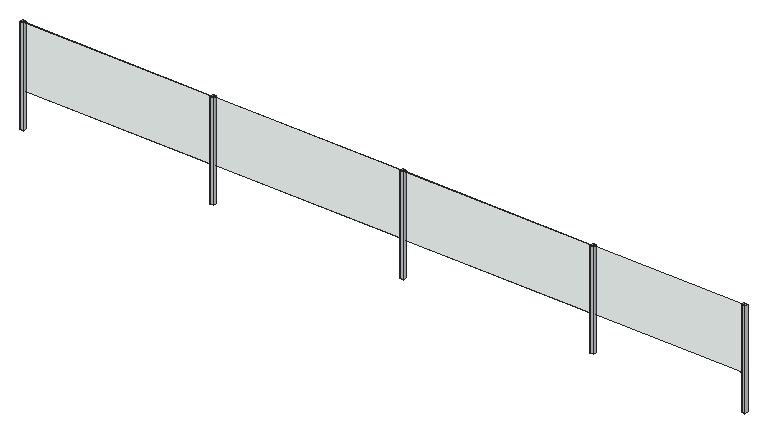
Revit family "Ограждение_Панель_2D_3100", category Специальное оборудование, Revit 2019
Family settings
  Размер круглого соединителя = Использовать диаметр
  Тип детали = Нормальный
  При загрузке вырезать с полостями = Нет
  Общий = Нет
  Точка расчета площади = Нет
Parameters (values of type "Панель 3100_Под бетон_Столб 60х60")
  Ячейка 50х200 [instance] = not(Ячейка 50х150)  # no
  Ячейка 50х150 [instance] = yes
  Ширина столба = 60 mm
  Ширина резаной [instance] = if(not(Шаг последнего столба - Ширина столба > 0 mm), 1 mm, Шаг последнего столба - Ширина столба)  # 2460 mm
  Ширина панели = 3100 mm
  Ширина 1ой панели [instance] = if([built-in parameter 1001306] < Шаг столбов, 1 mm, Шаг столбов - Ширина столба)  # 3100 mm
  Шаг столбов [instance] = Ширина панели + Ширина столба  # 3160 mm
  Условное обозначение [instance] = no
  Толщина стенки столба [instance] = 2 mm
  Тип крепежа [instance] = 2
  С фланцем под В.О. = not(or(Под бетонирование, С фланцем))  # no
  С фланцем = no
  Показать последний [instance] = yes
  Показать первый [instance] = yes
  Шаг последнего столба [instance] = if(if(not([built-in parameter 1001306] > Шаг столбов), [built-in parameter 1001306], [built-in parameter 1001306] - (rounddown([built-in parameter 1001306] / Шаг столбов) * Шаг столбов)) = 0 mm, Шаг столбов, if(not([built-in parameter 1001306] > Шаг столбов), [built-in parameter 1001306], [built-in parameter 1001306] - (rounddown([built-in parameter 1001306] / Шаг столбов) * Шаг столбов)))  # 2520 mm
  Расчёт ячейки [instance] = if(Ячейка 50х150, 2, 0)  # 2
  Пруток D=5/5/5 мм [instance] = not(or([Пруток D=6/5/6 мм], [Пруток D=8/6/8 мм]))  # no
  Пруток D=8/6/8 мм [instance] = yes
  Пруток D=6/5/6 мм [instance] = no
  Показать средний столб [instance] = N панелей = 2  # no
  Под насадку [instance] = no
  Под бетонирование = yes
  Отступ панели от основания = 70 mm
  Отступ панели = Ширина столба / 2  # 30 mm
  Инструкция [instance] = "https://docs.google.com/document/d/1cgSF_IfOaOTu5MFLm1FJjP0ckfTazc0ioWqhE0ocsXY/edit#heading=h.lw4uecg53g9n"
  Изготовитель = [ADSK_Завод-изготовитель]  # "FENSYS"
  built-in parameter 1001306 [instance] = 12000 mm
  Диаметр сваи [instance] = 57 mm
  Группа модели = "Ограждение"  # constant formula
  Глубина столба = 60 mm
  Высота столба [instance] = Отступ панели от основания + Высота панели  # 1100 mm
  Высота сваи [instance] = 1000 mm
  Высота панели [instance] = 1030 mm
  Расчет D прутка [instance] = if([Пруток D=6/5/6 мм], 1, if([Пруток D=8/6/8 мм], 2, 0))  # 2
  Выбор типа основания [instance] = if(Под бетонирование, 1, if(С фланцем, 2, 0))  # 1
  Видимость массива столбов [instance] = N панелей > 2  # yes
  Видимость массива панелей [instance] = N панелей > 2  # yes
  Видимость 1ой панели [instance] = N панелей = 2  # no
  URL = "https://www.fensys.ru/oprosnyy-list/"
  N столбов в массиве [instance] = if((N панелей - 1) < 2, 2, N панелей - 1)  # 3
  N панелей в массиве [instance] = if(N панелей > 2, N панелей - 1, 2)  # 3
  N панелей [instance] = if([built-in parameter 1001306] > Шаг столбов, roundup([built-in parameter 1001306] / Шаг столбов), 1)  # 4
  ADSK_Размер_Длина [instance] = [built-in parameter 1001306]  # 12000 mm
  Наименование = "Ограждение - Панель 3100_Под бетон_Столб 60х60"
  ADSK_Завод-изготовитель = "FENSYS"  # constant formula
  ADSK_Единица измерения = "м."  # constant formula
Types (9, lengths in mm): name | Ширина столба | Ширина резаной | Шаг столбов | С фланцем под В.О. | С фланцем | Шаг последнего столба | Под бетонирование | Отступ панели | Глубина столба | Выбор типа основания | Наименование
  Панель 3100_Под винт_Столб 60х60 | 60 | 2460 | 3160 | yes | no | 2520 | no | 30 | 60 | 0 | "Ограждение - Панель 3100_Под винт_Столб 60х60"
  Панель 3100_Под бетон_Столб 80х80 | 80 | 2380 | 3180 | no | no | 2460 | yes | 40 | 80 | 1 | "Ограждение - Панель 3100_Под бетон_Столб 80х80"
  Панель 3100_Под бетон_Столб 60х60 | 60 | 2460 | 3160 | no | no | 2520 | yes | 30 | 60 | 1 | "Ограждение - Панель 3100_Под бетон_Столб 60х60"
  Панель 3100_Фланцевое крепление_Столб 80х80 | 80 | 2380 | 3180 | no | yes | 2460 | no | 40 | 80 | 2 | "Ограждение - Панель 3100_Фланцевое крепление_Столб 80х80"
  Панель 3100_Фланцевое крепление_Столб 60х60 | 60 | 2460 | 3160 | no | yes | 2520 | no | 30 | 60 | 2 | "Ограждение - Панель 3100_Фланцевое крепление_Столб 60х60"
  Панель 3100_Под бетон_Столб 60х80 | 60 | 2460 | 3160 | no | no | 2520 | yes | 30 | 80 | 1 | "Ограждение - Панель 3100_Под бетон_Столб 60х80"
  Панель 3100_Под винт_Столб 60х80 | 60 | 2460 | 3160 | yes | no | 2520 | no | 30 | 80 | 0 | "Ограждение - Панель 3100_Под винт_Столб 60х80"
  Панель 3100_Фланцевое крепление_Столб 60х80 | 60 | 2460 | 3160 | no | yes | 2520 | no | 30 | 80 | 2 | "Ограждение - Панель 3100_Фланцевое крепление_Столб 60х80"
  Панель 3100_Под винт_Столб 80х80 | 80 | 2380 | 3180 | yes | no | 2460 | no | 40 | 80 | 0 | "Ограждение - Панель 3100_Под винт_Столб 80х80"
Reference planes
  plane 1 "По центру (Вперед/Назад)": y = 0
  plane 2: z = 0
  plane 3 "Слева": x = 0
  plane 4 "Справа": x = 12000
  plane 5 "Верх стойки": z = 1100
  plane 6: x = 3160
  plane 7: x = 6320
  plane 8 "ось предпоследнего столба": x = 9480
Lines and regions (mm)
  reference lines
    curve 1: line (0, 0, 0) -> (12000, 0, 0)
Dimensions and locks
  "built-in parameter 1001306": plane 3 "Слева" to plane 4 "Справа"
  "Высота столба": plane 5 "Верх стойки" to level
  equal spacing: group 1, group 2, group 5  (x3)
  "Шаг столбов": plane 3 "Слева" to plane 6
  "Шаг столбов": plane 6 to plane 7
  "Шаг последнего столба": plane 8 "ось предпоследнего столба" to plane 4 "Справа"
  equal spacing: group 3, group 4, group 6  (x3)
  aligned and locked: plane 4 "Справа" to curve 1
  aligned and locked: plane 1 "По центру (Вперед/Назад)" to curve 1
  aligned and locked: plane 3 "Слева" to curve 1
  aligned and locked: level to plane 2
  aligned and locked: plane 3 "Слева" to nested 1
  aligned and locked: plane 1 "По центру (Вперед/Назад)" to nested 1
  aligned and locked: plane 6 to nested 2
  aligned and locked: curve 1 to nested 2
  aligned and locked: curve 1 to nested 3
  aligned and locked: plane 4 "Справа" to nested 3
  aligned and locked: plane 3 "Слева" to nested 5
  aligned and locked: plane 6 to nested 6
  aligned and locked: plane 7 to nested 7
  aligned and locked: plane 1 "По центру (Вперед/Назад)" to nested 5
  aligned and locked: plane 1 "По центру (Вперед/Назад)" to nested 6
  aligned and locked: plane 1 "По центру (Вперед/Назад)" to nested 7
  aligned and locked: curve 1 to nested 8
  aligned and locked: plane 1 "По центру (Вперед/Назад)" to nested 8
  aligned and locked: plane 6 to nested 9
  aligned and locked: plane 8 "ось предпоследнего столба" to nested 4
  aligned and locked: plane 3 "Слева" to nested 8
Nested families
  nested 1: "В_Столб" at (0, 0, 0), visible <- "Показать первый", ADSK_Размер_Толщина стенки <- "Толщина стенки столба", ADSK_Размер_Глубина <- "Глубина столба", Диаметр сваи <- "Диаметр сваи", Высота сваи <- "Высота сваи", Под бетонирование <- "Под бетонирование", С фланцем <- "С фланцем", С фланцем под в.о. <- "С фланцем под В.О.", ADSK_Размер_Ширина <- "Ширина столба", ADSK_Комплект <- "Группа модели", Под насадку <- "Под насадку", Тип крепежа <- "Тип крепежа", Условное обозначение <- "Условное обозначение", Высота забора <- "Высота столба", type "Столб"
    with Условное обозначение no, Тип крепежа 2, Таблица "Столб новый", С фланцем под в.о. no, С фланцем no, Под насадку число 1, Под насадку no, Под бетонирование yes, Ограничитель крепежа 2, Крепеж в массиве 2, Длина под бетонирование 500 mm, Диаметр сваи 57 mm, Высота сваи 1000 mm, Высота забора 1100 mm, Выбор типа крепления 1, N крепежа в массиве 2, ADSK_Размер_Ширина 60 mm, ADSK_Размер_Толщина стенки 2 mm, ADSK_Размер_Глубина 60 mm, ADSK_Размер_Высота 1100 mm, ADSK_Обозначение "SI", Наименование "Столб ограждения (под насадку): профиль 60x60x2 мм, L= 1100 мм, под бетонирование", BS_Масса_Число 3.9, ADSK_Комплект "Ограждение", ADSK_Код изделия "18304N"
  nested 2: "В_Столб" at (3160, 0, 0), visible <- "Показать средний столб", ADSK_Размер_Толщина стенки <- "Толщина стенки столба", ADSK_Размер_Глубина <- "Глубина столба", Диаметр сваи <- "Диаметр сваи", Высота сваи <- "Высота сваи", Под бетонирование <- "Под бетонирование", С фланцем <- "С фланцем", С фланцем под в.о. <- "С фланцем под В.О.", ADSK_Размер_Ширина <- "Ширина столба", ADSK_Комплект <- "Группа модели", Под насадку <- "Под насадку", Тип крепежа <- "Тип крепежа", Условное обозначение <- "Условное обозначение", Высота забора <- "Высота столба", type "Столб"
    with Условное обозначение no, Тип крепежа 2, Таблица "Столб новый", С фланцем под в.о. no, С фланцем no, Под насадку число 1, Под насадку no, Под бетонирование yes, Ограничитель крепежа 2, Крепеж в массиве 2, Длина под бетонирование 500 mm, Диаметр сваи 57 mm, Высота сваи 1000 mm, Высота забора 1100 mm, Выбор типа крепления 1, N крепежа в массиве 2, ADSK_Размер_Ширина 60 mm, ADSK_Размер_Толщина стенки 2 mm, ADSK_Размер_Глубина 60 mm, ADSK_Размер_Высота 1100 mm, ADSK_Обозначение "SI", Наименование "Столб ограждения (под насадку): профиль 60x60x2 мм, L= 1100 мм, под бетонирование", BS_Масса_Число 3.9, ADSK_Комплект "Ограждение", ADSK_Код изделия "18304N"
  nested 3: "В_Столб" at (12000, 0, 0), visible <- "Показать последний", ADSK_Размер_Толщина стенки <- "Толщина стенки столба", ADSK_Размер_Глубина <- "Глубина столба", Диаметр сваи <- "Диаметр сваи", Высота сваи <- "Высота сваи", Под бетонирование <- "Под бетонирование", С фланцем <- "С фланцем", С фланцем под в.о. <- "С фланцем под В.О.", ADSK_Размер_Ширина <- "Ширина столба", ADSK_Комплект <- "Группа модели", Под насадку <- "Под насадку", Тип крепежа <- "Тип крепежа", Условное обозначение <- "Условное обозначение", Высота забора <- "Высота столба", type "Столб"
    with Условное обозначение no, Тип крепежа 2, Таблица "Столб новый", С фланцем под в.о. no, С фланцем no, Под насадку число 1, Под насадку no, Под бетонирование yes, Ограничитель крепежа 2, Крепеж в массиве 2, Длина под бетонирование 500 mm, Диаметр сваи 57 mm, Высота сваи 1000 mm, Высота забора 1100 mm, Выбор типа крепления 1, N крепежа в массиве 2, ADSK_Размер_Ширина 60 mm, ADSK_Размер_Толщина стенки 2 mm, ADSK_Размер_Глубина 60 mm, ADSK_Размер_Высота 1100 mm, ADSK_Обозначение "SI", Наименование "Столб ограждения (под насадку): профиль 60x60x2 мм, L= 1100 мм, под бетонирование", BS_Масса_Число 3.9, ADSK_Комплект "Ограждение", ADSK_Код изделия "18304N"
  nested 4: "В_Панель_2D" at (9480, 0, 0), ADSK_Размер_Высота <- "Высота панели", Отступ панели от основания <- "Отступ панели от основания", Отступ панели <- "Отступ панели", Размер ячейки <- "Расчёт ячейки", Размер прутка <- "Расчет D прутка", ADSK_Размер_Ширина <- "Ширина резаной", Тип крепежа <- "Тип крепежа", ADSK_Комплект <- "Группа модели", type "Панель 2500"
    with Тип крепежа 2, Расчетная длина 2520 mm, Размер ячейки 2, Размер прутка 2, Отступ панели от основания 70 mm, Отступ панели 30 mm, ADSK_Размер_Ширина 2460 mm, ADSK_Размер_Высота 1030 mm, ADSK_Примечание "", ADSK_Обозначение "GUARD-T", Наименование "Панель под подрезку", BS_Масса_Число 0, ADSK_Комплект "Ограждение", ADSK_Код изделия " "
  nested 5: "В_Панель_2D" at (0, 0, 0), ADSK_Размер_Высота <- "Высота панели", Отступ панели от основания <- "Отступ панели от основания", Отступ панели <- "Отступ панели", visible <- "Видимость массива панелей", Размер ячейки <- "Расчёт ячейки", Размер прутка <- "Расчет D прутка", Тип крепежа <- "Тип крепежа", ADSK_Комплект <- "Группа модели", ADSK_Размер_Ширина <- "Ширина панели", type "Панель 2500"
    with Тип крепежа 2, Расчетная длина 3160 mm, Размер ячейки 2, Размер прутка 2, Отступ панели от основания 70 mm, Отступ панели 30 mm, ADSK_Размер_Ширина 3100 mm, ADSK_Размер_Высота 1030 mm, ADSK_Примечание "", ADSK_Обозначение "GUARD-T", Наименование "Панель серии 2D: HxW (высота х ширина) 1030x3100 мм, пруток D=8/6/8 мм, ячейка = 50х150", BS_Масса_Число 33.1, ADSK_Комплект "Ограждение", ADSK_Код изделия "24068"
  nested 6: "В_Столб" at (3160, 0, 0), visible <- "Видимость массива столбов", ADSK_Размер_Толщина стенки <- "Толщина стенки столба", ADSK_Размер_Глубина <- "Глубина столба", Диаметр сваи <- "Диаметр сваи", Высота сваи <- "Высота сваи", Под бетонирование <- "Под бетонирование", С фланцем <- "С фланцем", С фланцем под в.о. <- "С фланцем под В.О.", ADSK_Размер_Ширина <- "Ширина столба", ADSK_Комплект <- "Группа модели", Под насадку <- "Под насадку", Тип крепежа <- "Тип крепежа", Условное обозначение <- "Условное обозначение", Высота забора <- "Высота столба", type "Столб"
    with Условное обозначение no, Тип крепежа 2, Таблица "Столб новый", С фланцем под в.о. no, С фланцем no, Под насадку число 1, Под насадку no, Под бетонирование yes, Ограничитель крепежа 2, Крепеж в массиве 2, Длина под бетонирование 500 mm, Диаметр сваи 57 mm, Высота сваи 1000 mm, Высота забора 1100 mm, Выбор типа крепления 1, N крепежа в массиве 2, ADSK_Размер_Ширина 60 mm, ADSK_Размер_Толщина стенки 2 mm, ADSK_Размер_Глубина 60 mm, ADSK_Размер_Высота 1100 mm, ADSK_Обозначение "SI", Наименование "Столб ограждения (под насадку): профиль 60x60x2 мм, L= 1100 мм, под бетонирование", BS_Масса_Число 3.9, ADSK_Комплект "Ограждение", ADSK_Код изделия "18304N"
  nested 7: "В_Столб" at (6320, 0, 0), visible <- "Видимость массива столбов", ADSK_Размер_Толщина стенки <- "Толщина стенки столба", ADSK_Размер_Глубина <- "Глубина столба", Диаметр сваи <- "Диаметр сваи", Высота сваи <- "Высота сваи", Под бетонирование <- "Под бетонирование", С фланцем <- "С фланцем", С фланцем под в.о. <- "С фланцем под В.О.", ADSK_Размер_Ширина <- "Ширина столба", ADSK_Комплект <- "Группа модели", Под насадку <- "Под насадку", Тип крепежа <- "Тип крепежа", Условное обозначение <- "Условное обозначение", Высота забора <- "Высота столба", type "Столб"
    with Условное обозначение no, Тип крепежа 2, Таблица "Столб новый", С фланцем под в.о. no, С фланцем no, Под насадку число 1, Под насадку no, Под бетонирование yes, Ограничитель крепежа 2, Крепеж в массиве 2, Длина под бетонирование 500 mm, Диаметр сваи 57 mm, Высота сваи 1000 mm, Высота забора 1100 mm, Выбор типа крепления 1, N крепежа в массиве 2, ADSK_Размер_Ширина 60 mm, ADSK_Размер_Толщина стенки 2 mm, ADSK_Размер_Глубина 60 mm, ADSK_Размер_Высота 1100 mm, ADSK_Обозначение "SI", Наименование "Столб ограждения (под насадку): профиль 60x60x2 мм, L= 1100 мм, под бетонирование", BS_Масса_Число 3.9, ADSK_Комплект "Ограждение", ADSK_Код изделия "18304N"
  nested 8: "В_Панель_2D" at (0, 0, 0), ADSK_Размер_Высота <- "Высота панели", Отступ панели от основания <- "Отступ панели от основания", Отступ панели <- "Отступ панели", visible <- "Видимость 1ой панели", Размер ячейки <- "Расчёт ячейки", Размер прутка <- "Расчет D прутка", Тип крепежа <- "Тип крепежа", ADSK_Комплект <- "Группа модели", ADSK_Размер_Ширина <- "Ширина 1ой панели", type "Панель 2500"
    with Тип крепежа 2, Расчетная длина 3160 mm, Размер ячейки 2, Размер прутка 2, Отступ панели от основания 70 mm, Отступ панели 30 mm, ADSK_Размер_Ширина 3100 mm, ADSK_Размер_Высота 1030 mm, ADSK_Примечание "", ADSK_Обозначение "GUARD-T", Наименование "Панель серии 2D: HxW (высота х ширина) 1030x3100 мм, пруток D=8/6/8 мм, ячейка = 50х150", BS_Масса_Число 33.1, ADSK_Комплект "Ограждение", ADSK_Код изделия "24068"
  nested 9: "В_Панель_2D" at (3160, 0, 0), ADSK_Размер_Высота <- "Высота панели", Отступ панели от основания <- "Отступ панели от основания", Отступ панели <- "Отступ панели", visible <- "Видимость массива панелей", Размер ячейки <- "Расчёт ячейки", Размер прутка <- "Расчет D прутка", Тип крепежа <- "Тип крепежа", ADSK_Комплект <- "Группа модели", ADSK_Размер_Ширина <- "Ширина панели", type "Панель 2500"
    with Тип крепежа 2, Расчетная длина 3160 mm, Размер ячейки 2, Размер прутка 2, Отступ панели от основания 70 mm, Отступ панели 30 mm, ADSK_Размер_Ширина 3100 mm, ADSK_Размер_Высота 1030 mm, ADSK_Примечание "", ADSK_Обозначение "GUARD-T", Наименование "Панель серии 2D: HxW (высота х ширина) 1030x3100 мм, пруток D=8/6/8 мм, ячейка = 50х150", BS_Масса_Число 33.1, ADSK_Комплект "Ограждение", ADSK_Код изделия "24068"
  nested 10: "В_Столб" at (9480, 0, 0), visible <- "Видимость массива столбов", ADSK_Размер_Толщина стенки <- "Толщина стенки столба", ADSK_Размер_Глубина <- "Глубина столба", Диаметр сваи <- "Диаметр сваи", Высота сваи <- "Высота сваи", Под бетонирование <- "Под бетонирование", С фланцем <- "С фланцем", С фланцем под в.о. <- "С фланцем под В.О.", ADSK_Размер_Ширина <- "Ширина столба", ADSK_Комплект <- "Группа модели", Под насадку <- "Под насадку", Тип крепежа <- "Тип крепежа", Условное обозначение <- "Условное обозначение", Высота забора <- "Высота столба", type "Столб"
    with Условное обозначение no, Тип крепежа 2, Таблица "Столб новый", С фланцем под в.о. no, С фланцем no, Под насадку число 1, Под насадку no, Под бетонирование yes, Ограничитель крепежа 2, Крепеж в массиве 2, Длина под бетонирование 500 mm, Диаметр сваи 57 mm, Высота сваи 1000 mm, Высота забора 1100 mm, Выбор типа крепления 1, N крепежа в массиве 2, ADSK_Размер_Ширина 60 mm, ADSK_Размер_Толщина стенки 2 mm, ADSK_Размер_Глубина 60 mm, ADSK_Размер_Высота 1100 mm, ADSK_Обозначение "SI", Наименование "Столб ограждения (под насадку): профиль 60x60x2 мм, L= 1100 мм, под бетонирование", BS_Масса_Число 3.9, ADSK_Комплект "Ограждение", ADSK_Код изделия "18304N"
  nested 11: "В_Панель_2D" at (6320, 0, 0), ADSK_Размер_Высота <- "Высота панели", Отступ панели от основания <- "Отступ панели от основания", Отступ панели <- "Отступ панели", visible <- "Видимость массива панелей", Размер ячейки <- "Расчёт ячейки", Размер прутка <- "Расчет D прутка", Тип крепежа <- "Тип крепежа", ADSK_Комплект <- "Группа модели", ADSK_Размер_Ширина <- "Ширина панели", type "Панель 2500"
    with Тип крепежа 2, Расчетная длина 3160 mm, Размер ячейки 2, Размер прутка 2, Отступ панели от основания 70 mm, Отступ панели 30 mm, ADSK_Размер_Ширина 3100 mm, ADSK_Размер_Высота 1030 mm, ADSK_Примечание "", ADSK_Обозначение "GUARD-T", Наименование "Панель серии 2D: HxW (высота х ширина) 1030x3100 мм, пруток D=8/6/8 мм, ячейка = 50х150", BS_Масса_Число 33.1, ADSK_Комплект "Ограждение", ADSK_Код изделия "24068"
  nested 12: "В_Крепеж" at (0, 0, 1065), type "Крепеж"
    with Ширина столба 0 mm, Тип крепежа 2, Путь к таблице "Таблица крепежей", Видимость метизов yes, Y насадка no, ADSK_Обозначение "Крепеж", Наименование "Скоба F50", ADSK_Комплект "Ограждение", ADSK_Количество 1, ADSK_Код изделия "8903K"
  nested 13: "В_Крепеж" at (0, 0, 104.903), type "Крепеж"
    with Ширина столба 0 mm, Тип крепежа 2, Путь к таблице "Таблица крепежей", Видимость метизов yes, Y насадка no, ADSK_Обозначение "Крепеж", Наименование "Скоба F50", ADSK_Комплект "Ограждение", ADSK_Количество 1, ADSK_Код изделия "8903K"
  nested 14: "В_Крепеж" at (3160, 0, 1065), type "Крепеж"
    with Ширина столба 0 mm, Тип крепежа 2, Путь к таблице "Таблица крепежей", Видимость метизов yes, Y насадка no, ADSK_Обозначение "Крепеж", Наименование "Скоба F50", ADSK_Комплект "Ограждение", ADSK_Количество 1, ADSK_Код изделия "8903K"
  nested 15: "В_Крепеж" at (3160, 0, 104.903), type "Крепеж"
    with Ширина столба 0 mm, Тип крепежа 2, Путь к таблице "Таблица крепежей", Видимость метизов yes, Y насадка no, ADSK_Обозначение "Крепеж", Наименование "Скоба F50", ADSK_Комплект "Ограждение", ADSK_Количество 1, ADSK_Код изделия "8903K"
  nested 16: "В_Крепеж" at (12000, 0, 1065), type "Крепеж"
    with Ширина столба 0 mm, Тип крепежа 2, Путь к таблице "Таблица крепежей", Видимость метизов yes, Y насадка no, ADSK_Обозначение "Крепеж", Наименование "Скоба F50", ADSK_Комплект "Ограждение", ADSK_Количество 1, ADSK_Код изделия "8903K"
  nested 17: "В_Крепеж" at (12000, 0, 104.903), type "Крепеж"
    with Ширина столба 0 mm, Тип крепежа 2, Путь к таблице "Таблица крепежей", Видимость метизов yes, Y насадка no, ADSK_Обозначение "Крепеж", Наименование "Скоба F50", ADSK_Комплект "Ограждение", ADSK_Количество 1, ADSK_Код изделия "8903K"
  nested 18: "В_Крепеж" at (3160, 0, 1065), type "Крепеж"
    with Ширина столба 0 mm, Тип крепежа 2, Путь к таблице "Таблица крепежей", Видимость метизов yes, Y насадка no, ADSK_Обозначение "Крепеж", Наименование "Скоба F50", ADSK_Комплект "Ограждение", ADSK_Количество 1, ADSK_Код изделия "8903K"
  nested 19: "В_Крепеж" at (3160, 0, 104.903), type "Крепеж"
    with Ширина столба 0 mm, Тип крепежа 2, Путь к таблице "Таблица крепежей", Видимость метизов yes, Y насадка no, ADSK_Обозначение "Крепеж", Наименование "Скоба F50", ADSK_Комплект "Ограждение", ADSK_Количество 1, ADSK_Код изделия "8903K"
  nested 20: "В_Крепеж" at (6320, 0, 1065), type "Крепеж"
    with Ширина столба 0 mm, Тип крепежа 2, Путь к таблице "Таблица крепежей", Видимость метизов yes, Y насадка no, ADSK_Обозначение "Крепеж", Наименование "Скоба F50", ADSK_Комплект "Ограждение", ADSK_Количество 1, ADSK_Код изделия "8903K"
  nested 21: "В_Крепеж" at (6320, 0, 104.903), type "Крепеж"
    with Ширина столба 0 mm, Тип крепежа 2, Путь к таблице "Таблица крепежей", Видимость метизов yes, Y насадка no, ADSK_Обозначение "Крепеж", Наименование "Скоба F50", ADSK_Комплект "Ограждение", ADSK_Количество 1, ADSK_Код изделия "8903K"
  nested 22: "В_Крепеж" at (9480, 0, 1065), type "Крепеж"
    with Ширина столба 0 mm, Тип крепежа 2, Путь к таблице "Таблица крепежей", Видимость метизов yes, Y насадка no, ADSK_Обозначение "Крепеж", Наименование "Скоба F50", ADSK_Комплект "Ограждение", ADSK_Количество 1, ADSK_Код изделия "8903K"
  nested 23: "В_Крепеж" at (9480, 0, 104.903), type "Крепеж"
    with Ширина столба 0 mm, Тип крепежа 2, Путь к таблице "Таблица крепежей", Видимость метизов yes, Y насадка no, ADSK_Обозначение "Крепеж", Наименование "Скоба F50", ADSK_Комплект "Ограждение", ADSK_Количество 1, ADSK_Код изделия "8903K"
  nested 24: "В_Метизы" at (20, 0, 1065), type "Метизы"
    with Тип крепежа 2, Путь к таблице "Таблица метизов", Наименование "Комплект метизов «В» для крепления скобы из нержавеющей стали (Винт М8х30 ISO 7380 А2   - 4 шт., Шайба D8 DIN 125 А2-70 - 4 шт.,Шайба 8 DIN 127 нерж.)", ADSK_Комплект "Ограждение", ADSK_Количество 1, ADSK_Код изделия "8923"
  nested 25: "В_Метизы" at (20, 0, 104.903), type "Метизы"
    with Тип крепежа 2, Путь к таблице "Таблица метизов", Наименование "Комплект метизов «В» для крепления скобы из нержавеющей стали (Винт М8х30 ISO 7380 А2   - 4 шт., Шайба D8 DIN 125 А2-70 - 4 шт.,Шайба 8 DIN 127 нерж.)", ADSK_Комплект "Ограждение", ADSK_Количество 1, ADSK_Код изделия "8923"
  nested 26: "В_Метизы" at (3180, 0, 1065), type "Метизы"
    with Тип крепежа 2, Путь к таблице "Таблица метизов", Наименование "Комплект метизов «В» для крепления скобы из нержавеющей стали (Винт М8х30 ISO 7380 А2   - 4 шт., Шайба D8 DIN 125 А2-70 - 4 шт.,Шайба 8 DIN 127 нерж.)", ADSK_Комплект "Ограждение", ADSK_Количество 1, ADSK_Код изделия "8923"
  nested 27: "В_Метизы" at (3180, 0, 104.903), type "Метизы"
    with Тип крепежа 2, Путь к таблице "Таблица метизов", Наименование "Комплект метизов «В» для крепления скобы из нержавеющей стали (Винт М8х30 ISO 7380 А2   - 4 шт., Шайба D8 DIN 125 А2-70 - 4 шт.,Шайба 8 DIN 127 нерж.)", ADSK_Комплект "Ограждение", ADSK_Количество 1, ADSK_Код изделия "8923"
  nested 28: "В_Метизы" at (12020, 0, 1065), type "Метизы"
    with Тип крепежа 2, Путь к таблице "Таблица метизов", Наименование "Комплект метизов «В» для крепления скобы из нержавеющей стали (Винт М8х30 ISO 7380 А2   - 4 шт., Шайба D8 DIN 125 А2-70 - 4 шт.,Шайба 8 DIN 127 нерж.)", ADSK_Комплект "Ограждение", ADSK_Количество 1, ADSK_Код изделия "8923"
  nested 29: "В_Метизы" at (12020, 0, 104.903), type "Метизы"
    with Тип крепежа 2, Путь к таблице "Таблица метизов", Наименование "Комплект метизов «В» для крепления скобы из нержавеющей стали (Винт М8х30 ISO 7380 А2   - 4 шт., Шайба D8 DIN 125 А2-70 - 4 шт.,Шайба 8 DIN 127 нерж.)", ADSK_Комплект "Ограждение", ADSK_Количество 1, ADSK_Код изделия "8923"
  nested 30: "В_Метизы" at (9500, 0, 1065), type "Метизы"
    with Тип крепежа 2, Путь к таблице "Таблица метизов", Наименование "Комплект метизов «В» для крепления скобы из нержавеющей стали (Винт М8х30 ISO 7380 А2   - 4 шт., Шайба D8 DIN 125 А2-70 - 4 шт.,Шайба 8 DIN 127 нерж.)", ADSK_Комплект "Ограждение", ADSK_Количество 1, ADSK_Код изделия "8923"
  nested 31: "В_Метизы" at (9500, 0, 104.903), type "Метизы"
    with Тип крепежа 2, Путь к таблице "Таблица метизов", Наименование "Комплект метизов «В» для крепления скобы из нержавеющей стали (Винт М8х30 ISO 7380 А2   - 4 шт., Шайба D8 DIN 125 А2-70 - 4 шт.,Шайба 8 DIN 127 нерж.)", ADSK_Комплект "Ограждение", ADSK_Количество 1, ADSK_Код изделия "8923"
  nested 32: "В_Метизы" at (3180, 0, 1065), type "Метизы"
    with Тип крепежа 2, Путь к таблице "Таблица метизов", Наименование "Комплект метизов «В» для крепления скобы из нержавеющей стали (Винт М8х30 ISO 7380 А2   - 4 шт., Шайба D8 DIN 125 А2-70 - 4 шт.,Шайба 8 DIN 127 нерж.)", ADSK_Комплект "Ограждение", ADSK_Количество 1, ADSK_Код изделия "8923"
  nested 33: "В_Метизы" at (3180, 0, 104.903), type "Метизы"
    with Тип крепежа 2, Путь к таблице "Таблица метизов", Наименование "Комплект метизов «В» для крепления скобы из нержавеющей стали (Винт М8х30 ISO 7380 А2   - 4 шт., Шайба D8 DIN 125 А2-70 - 4 шт.,Шайба 8 DIN 127 нерж.)", ADSK_Комплект "Ограждение", ADSK_Количество 1, ADSK_Код изделия "8923"
  nested 34: "В_Метизы" at (6340, 0, 1065), type "Метизы"
    with Тип крепежа 2, Путь к таблице "Таблица метизов", Наименование "Комплект метизов «В» для крепления скобы из нержавеющей стали (Винт М8х30 ISO 7380 А2   - 4 шт., Шайба D8 DIN 125 А2-70 - 4 шт.,Шайба 8 DIN 127 нерж.)", ADSK_Комплект "Ограждение", ADSK_Количество 1, ADSK_Код изделия "8923"
  nested 35: "В_Метизы" at (6340, 0, 104.903), type "Метизы"
    with Тип крепежа 2, Путь к таблице "Таблица метизов", Наименование "Комплект метизов «В» для крепления скобы из нержавеющей стали (Винт М8х30 ISO 7380 А2   - 4 шт., Шайба D8 DIN 125 А2-70 - 4 шт.,Шайба 8 DIN 127 нерж.)", ADSK_Комплект "Ограждение", ADSK_Количество 1, ADSK_Код изделия "8923"
Definition of nested family "В_Столб"
  Parameters (values of type "Столб")
    Условное обозначение [instance] = yes
    Тип крепежа [instance] = 1
    Таблица [instance] = "Столб новый"  # constant formula
    С фланцем под в.о. [instance] = no
    С фланцем [instance] = no
    Под насадку число [instance] = 1  # constant formula
    Под насадку [instance] = no
    Под бетонирование [instance] = yes
    Ограничитель крепежа [instance] = if(Тип крепежа < 0, 0, if(Тип крепежа > 4, 4, Тип крепежа))  # 1
    Крепеж в массиве [instance] = if(Под насадку, if(Высота забора < 3030 mm, if(N крепежа в массиве < 2, 2, N крепежа в массиве), 5) - 1, if(Высота забора < 3030 mm, if(N крепежа в массиве < 2, 2, N крепежа в массиве), 5))  # 5
    Manufacturer = [ADSK_Завод-изготовитель]  # "FENSYS"
    Длина под бетонирование [instance] = if(Под бетонирование, 500 mm, 0 mm)  # 500 mm
    Высота сваи [instance] = 1000 mm
    Диаметр сваи [instance] = 56 mm
    Высота забора [instance] = 5000 mm
    Выбор типа крепления [instance] = if(Под бетонирование, 1, if(С фланцем, 2, 0))  # 1
    URL = "https://www.fensys.ru/produkciya/vintovye-opory_1.html"
    N крепежа в массиве [instance] = rounddown(Высота забора / 485 mm)  # 10
    ADSK_Размер_Ширина [instance] = 40 mm
    ADSK_Размер_Толщина стенки [instance] = 2 mm
    ADSK_Размер_Глубина [instance] = 60 mm
    ADSK_Размер_Высота [instance] = Высота забора  # 5000 mm
    ADSK_Обозначение [instance] = if(С фланцем, "SIT", if(С фланцем под в.о., "SITgs", "SI"))  # "SI"
    Наименование [instance] = size_lookup(Таблица, "", "Столб не найден, проверьте параметры", ADSK_Размер_Высота, ADSK_Размер_Ширина, ADSK_Размер_Глубина, ADSK_Размер_Толщина стенки, Выбор типа крепления, Под насадку число)  # "Столб ограждения (под насадку): профиль 40x60x2 мм, L= 5000 мм, под бетонирование"
    ADSK_Материал = none
    BS_Масса_Число [instance] = size_lookup(Таблица, "ADSK_Масса", 0, ADSK_Размер_Высота, ADSK_Размер_Ширина, ADSK_Размер_Глубина, ADSK_Размер_Толщина стенки, Выбор типа крепления)  # 14.5
    ADSK_Комплект [instance] = "Ограждение"
    ADSK_Код изделия [instance] = size_lookup(Таблица, "ADSK_Код изделия", "Код столба не найден, проверьте параметры", ADSK_Размер_Высота, ADSK_Размер_Ширина, ADSK_Размер_Глубина, ADSK_Размер_Толщина стенки, Выбор типа крепления, Под насадку число)  # "23187N"
    ADSK_Завод-изготовитель = "FENSYS"  # constant formula
    ADSK_Единица измерения = "шт."  # constant formula
  Reference planes
    plane 1 "По центру (Вперед/Назад)": y = 0
    plane 2: z = 0
    plane 3 "По центру (Влево/Вправо)": x = 0
    plane 4: z = 5000
    plane 5: x = -20
    plane 6: x = 20
    plane 7: y = 30
    plane 8: y = -30
    plane 9: z = -500
    plane 10: z = 5000
  Forms (mm)
    Extrusion 1, solid
      sketch origin (0, 0, 0) x (1, 0, 0) y (0, 1, 0)
        loop
          line (-20, 30) -> (-20, -30) -> (20, -30) -> (20, 30) -> (-20, 30)
        loop
          line (-18, 28) -> (-18, -28) -> (18, -28) -> (18, 28) -> (-18, 28)
      from -500 to 5000
  Dimensions and locks
    equal spacing: plane 5, plane 3 "По центру (Влево/Вправо)", plane 6
    "ADSK_Размер_Ширина": plane 5 to plane 6
    "ADSK_Размер_Глубина": plane 8 to plane 7
    equal spacing: plane 8, plane 1 "По центру (Вперед/Назад)", plane 7
    "ADSK_Размер_Толщина стенки": Extrusion 1 sketch curve to plane 6
    "ADSK_Размер_Толщина стенки": plane 8 to Extrusion 1 sketch curve
    "ADSK_Размер_Толщина стенки": plane 7 to Extrusion 1 sketch curve
    "ADSK_Размер_Толщина стенки": plane 5 to Extrusion 1 sketch curve
    plane 4 to plane 2 = 5000 mm
    "Длина под бетонирование": level to plane 9
    nested 2 to plane 2 = 104.903 mm
    equal spacing: group 1, group 3, group 4, group 5, group 2  (x3)
    locked: plane 10 to nested 3 at 35
    "Высота забора": level to plane 10
    aligned and locked: level to plane 2
    aligned and locked: plane 4 to Extrusion 1
    aligned and locked: plane 6 to Extrusion 1
    aligned and locked: plane 5 to Extrusion 1
    aligned and locked: plane 8 to Extrusion 1
    aligned and locked: plane 7 to Extrusion 1
    aligned and locked: plane 3 "По центру (Влево/Вправо)" to nested 1
    aligned and locked: plane 1 "По центру (Вперед/Назад)" to nested 1
    aligned and locked: Extrusion 1 to plane 9
    aligned and locked: plane 3 "По центру (Влево/Вправо)" to nested 2
    aligned and locked: plane 3 "По центру (Влево/Вправо)" to nested 4
    aligned and locked: nested 10 to plane 1 "По центру (Вперед/Назад)"
    aligned and locked: plane 4 to plane 10
  Automatic sketch dimensions
    Extrusion 1 sketch curve to plane 5 = 0 mm
    Extrusion 1 sketch curve to plane 6 = 0 mm
    plane 8 to Extrusion 1 sketch curve = 0 mm
    Extrusion 1 sketch curve to plane 7 = 0 mm
  Nested families
    nested 1: "В_Винтовая опора" at (0, 0, 0), Ширина столба <- "ADSK_Размер_Ширина", Глубина столба <- "ADSK_Размер_Глубина", Диаметр сваи <- "Диаметр сваи", visible <- "С фланцем под в.о.", Высота сваи <- "Высота сваи", ADSK_Комплект <- "ADSK_Комплект", type "Свая"
      with Ширина столба 40 mm, Путь к таблице "Опора имя", Диаметр сваи 56 mm, Глубина столба 60 mm, Высота сваи 1000 mm, Наименование "Свая не найдена, проверьте параметры", BS_Масса_Число 0, ADSK_Комплект "Ограждение", ADSK_Завод-изготовитель "FENSYS", ADSK_Единица измерения "шт."
    nested 2: "В_Крепеж" at (0, 0, 104.903), Тип крепежа <- "Ограничитель крепежа", ADSK_Комплект <- "ADSK_Комплект", type "Крепеж"
      with Ширина столба 0 mm, Тип крепежа 1, Путь к таблице "Таблица крепежей", Видимость метизов yes, Y насадка no, ADSK_Обозначение "Крепеж", Наименование "Скоба F24", ADSK_Комплект "Ограждение", ADSK_Количество 1, ADSK_Код изделия "15512K"
    nested 3: "В_Крепеж" at (0, 0, 4965), Тип крепежа <- "Ограничитель крепежа", ADSK_Комплект <- "ADSK_Комплект", type "Крепеж"
      with Ширина столба 0 mm, Тип крепежа 1, Путь к таблице "Таблица крепежей", Видимость метизов yes, Y насадка no, ADSK_Обозначение "Крепеж", Наименование "Скоба F24", ADSK_Комплект "Ограждение", ADSK_Количество 1, ADSK_Код изделия "15512K"
    nested 4: "В_Крепеж" at (0, 0, 1319.928), Тип крепежа <- "Ограничитель крепежа", ADSK_Комплект <- "ADSK_Комплект", type "Крепеж"
      with Ширина столба 0 mm, Тип крепежа 1, Путь к таблице "Таблица крепежей", Видимость метизов yes, Y насадка no, ADSK_Обозначение "Крепеж", Наименование "Скоба F24", ADSK_Комплект "Ограждение", ADSK_Количество 1, ADSK_Код изделия "15512K"
    nested 5: "В_Крепеж" at (0, 0, 2534.952), Тип крепежа <- "Ограничитель крепежа", ADSK_Комплект <- "ADSK_Комплект", type "Крепеж"
      with Ширина столба 0 mm, Тип крепежа 1, Путь к таблице "Таблица крепежей", Видимость метизов yes, Y насадка no, ADSK_Обозначение "Крепеж", Наименование "Скоба F24", ADSK_Комплект "Ограждение", ADSK_Количество 1, ADSK_Код изделия "15512K"
    nested 6: "В_Метизы" at (20, 0, 2534.952), type "Метизы"
      with Тип крепежа 1, Путь к таблице "Таблица метизов", Наименование "Комплект метизов «В» для крепления скобы F24 (Винт М6х30 ISO 7380 А2 - 4 шт., Шайба D6 DIN 125 А2 - 4 шт.,Шайба 6 DIN 127 А2 - 4 шт.)", ADSK_Комплект "Ограждение", ADSK_Количество 1, ADSK_Код изделия "8932"
    nested 7: "В_Метизы" at (20, 0, 104.903), type "Метизы"
      with Тип крепежа 1, Путь к таблице "Таблица метизов", Наименование "Комплект метизов «В» для крепления скобы F24 (Винт М6х30 ISO 7380 А2 - 4 шт., Шайба D6 DIN 125 А2 - 4 шт.,Шайба 6 DIN 127 А2 - 4 шт.)", ADSK_Комплект "Ограждение", ADSK_Количество 1, ADSK_Код изделия "8932"
    nested 8: "В_Метизы" at (20, 0, 4965), type "Метизы"
      with Тип крепежа 1, Путь к таблице "Таблица метизов", Наименование "Комплект метизов «В» для крепления скобы F24 (Винт М6х30 ISO 7380 А2 - 4 шт., Шайба D6 DIN 125 А2 - 4 шт.,Шайба 6 DIN 127 А2 - 4 шт.)", ADSK_Комплект "Ограждение", ADSK_Количество 1, ADSK_Код изделия "8932"
    nested 9: "В_Метизы" at (20, 0, 1319.928), type "Метизы"
      with Тип крепежа 1, Путь к таблице "Таблица метизов", Наименование "Комплект метизов «В» для крепления скобы F24 (Винт М6х30 ISO 7380 А2 - 4 шт., Шайба D6 DIN 125 А2 - 4 шт.,Шайба 6 DIN 127 А2 - 4 шт.)", ADSK_Комплект "Ограждение", ADSK_Количество 1, ADSK_Код изделия "8932"
    nested 10: "Типовая аннотация" at (0, 0, 0) x (0, 1, 0) z (0, 0, 1), visible <- "Условное обозначение", type "Типовая аннотация"
      with Ширина 8 mm, Высота 8 mm
    nested 11: "В_Крепеж" at (0, 0, 3749.976), Тип крепежа <- "Ограничитель крепежа", ADSK_Комплект <- "ADSK_Комплект", type "Крепеж"
      with Ширина столба 0 mm, Тип крепежа 1, Путь к таблице "Таблица крепежей", Видимость метизов yes, Y насадка no, ADSK_Обозначение "Крепеж", Наименование "Скоба F24", ADSK_Комплект "Ограждение", ADSK_Количество 1, ADSK_Код изделия "15512K"
    nested 12: "В_Метизы" at (20, 0, 3749.976), type "Метизы"
      with Тип крепежа 1, Путь к таблице "Таблица метизов", Наименование "Комплект метизов «В» для крепления скобы F24 (Винт М6х30 ISO 7380 А2 - 4 шт., Шайба D6 DIN 125 А2 - 4 шт.,Шайба 6 DIN 127 А2 - 4 шт.)", ADSK_Комплект "Ограждение", ADSK_Количество 1, ADSK_Код изделия "8932"
  Definition of nested family "В_Винтовая опора"
    Parameters (values of type "Свая")
      Ширина столба [instance] = 60 mm
      Путь к таблице [instance] = "Опора имя"  # constant formula
      Диаметр сваи [instance] = 57 mm
      Глубина столба [instance] = 60 mm
      Высота сваи [instance] = 1000 mm
      URL = "https://www.fensys.ru/produkciya/zabivnye-svai_1.html"
      Наименование [instance] = size_lookup(Путь к таблице, "", "Свая не найдена, проверьте параметры", Высота сваи, Диаметр сваи, Ширина столба, Глубина столба)  # "Винтовая опора 57х1000 фланец под столб 60х60"
      BS_Масса_Число [instance] = size_lookup(Путь к таблице, "ADSK_Масса", 0, Высота сваи, Диаметр сваи, Ширина столба, Глубина столба)  # 5.5
      ADSK_Комплект [instance] = "Ограждение"
      ADSK_Завод-изготовитель [instance] = "FENSYS"  # constant formula
      ADSK_Единица измерения [instance] = "шт."  # constant formula
    Reference planes
      plane 1 "По центру (Вперед/Назад)": y = 0
      plane 2: z = 0
      plane 3 "По центру (Влево/Вправо)": x = 0
      plane 4 "Низ сваи": z = -1000
    Forms (mm)
      Blend 1, solid
        base sketch origin (0, 0, 0) x (1, 0, 0) y (0, 1, 0)
          loop
            circle (0, 0) r 20
        top sketch origin (0, 0, 0) x (1, 0, 0) y (0, 1, 0)
          loop
            circle (0, 0) r 57
        from -1000 to 0
    Dimensions and locks
      "Высота сваи": level to plane 4 "Низ сваи"
      "Диаметр сваи": radius of Blend 1 sketch curve
      aligned and locked: level to plane 2
      aligned and locked: level to Blend 1
      aligned and locked: Blend 1 to level
      aligned and locked: Blend 1 to plane 4 "Низ сваи"
    Automatic sketch dimensions
      plane 1 "По центру (Вперед/Назад)" to Blend 1 sketch curve = 0 mm  (x2)
      Blend 1 sketch curve to plane 3 "По центру (Влево/Вправо)" = 0 mm  (x2)
      radius of Blend 1 sketch curve = 20 mm
  Definition of nested family "В_Крепеж"
    Parameters (values of type "Крепеж")
      Ширина столба [instance] = 0 mm
      Тип крепежа [instance] = 5
      Путь к таблице [instance] = "Таблица крепежей"  # constant formula
      Manufacturer = [ADSK_Завод-изготовитель]  # "FENSYS"
      Model = "Насадки"
      Видимость метизов [instance] = not(Тип крепежа = 5)  # no
      Y насадка [instance] = yes
      URL = "https://www.fensys.ru/produkciya/krepyozh.html"
      ADSK_Обозначение [instance] = "Крепеж"  # constant formula
      Наименование [instance] = size_lookup(Путь к таблице, "", "Не найдено", Тип крепежа)  # "Комплект крепления СББ/ПББ к насадке (Болт М6х25 DIN 933 оц - 4 шт., Зажим для крепления струны/проволоки - 4 шт., Шайба D6 DIN 125 оц. - 8 шт.,  Гайка М6 кл.8.0 DIN 934 оц. - 4 шт.)"
      ADSK_Комплект [instance] = ""
      ADSK_Количество [instance] = 1  # constant formula
      ADSK_Код изделия [instance] = size_lookup(Путь к таблице, "ADSK_Код изделия", "Не найдено", Тип крепежа)  # "8927"
      ADSK_Завод-изготовитель = "FENSYS"  # constant formula
      ADSK_Единица измерения = "шт."  # constant formula
    Reference planes
      plane 1 "По центру (Вперед/Назад)": y = 0
      plane 2: z = 0
      plane 3 "По центру (Влево/Вправо)": x = 0
      plane 4: z = 0
    Forms (mm)
      Extrusion 1, solid
        sketch origin (0, -3, 0) x (1, 0, 0) y (0, 1, 0)
          loop
            line (-20, 5.5) -> (-20, 0.5) -> (20, 0.5) -> (20, 5.5) -> (-20, 5.5)
        from -4.311 to 4.311
    Dimensions and locks
      locked: Extrusion 1 sketch curve to Extrusion 1 sketch curve at 5
      locked: Extrusion 1 sketch curve to Extrusion 1 sketch curve at 40
      aligned and locked: level to plane 2
    Nested families
      nested 1: "В_Метизы" at (20, 0, 0), Тип крепежа <- "Тип крепежа", ADSK_Комплект <- "ADSK_Комплект", visible <- "Видимость метизов", type "Метизы"
        with Тип крепежа 5, Путь к таблице "Таблица метизов", Наименование "Комплект крепления СББ/ПББ к насадке (Болт М6х25 DIN 933 оц - 4 шт., Зажим для крепления струны/проволоки - 4 шт., Шайба D6 DIN 125 оц. - 8 шт.,  Гайка М6 кл.8.0 DIN 934 оц. - 4 шт.)", ADSK_Комплект "", ADSK_Количество 1, ADSK_Код изделия "8927"
      nested 2: "В_Метизы" at (-20, 0, 0), visible <- "Y насадка", Тип крепежа <- "Тип крепежа", ADSK_Комплект <- "ADSK_Комплект", type "Метизы"
        with Тип крепежа 5, Путь к таблице "Таблица метизов", Наименование "Комплект крепления СББ/ПББ к насадке (Болт М6х25 DIN 933 оц - 4 шт., Зажим для крепления струны/проволоки - 4 шт., Шайба D6 DIN 125 оц. - 8 шт.,  Гайка М6 кл.8.0 DIN 934 оц. - 4 шт.)", ADSK_Комплект "", ADSK_Количество 1, ADSK_Код изделия "8927"
    Definition of nested family "В_Метизы"
      Parameters (values of type "Метизы")
        Тип крепежа [instance] = 1
        Путь к таблице [instance] = "Таблица метизов"  # constant formula
        Manufacturer = [ADSK_Завод-изготовитель]  # "FENSYS"
        URL = "https://www.fensys.ru/produkciya/krepyozh.html"
        Наименование [instance] = size_lookup(Путь к таблице, "", "Не найдено", Тип крепежа)  # "Комплект метизов «В» для крепления скобы F24 (Винт М6х30 ISO 7380 А2 - 4 шт., Шайба D6 DIN 125 А2 - 4 шт.,Шайба 6 DIN 127 А2 - 4 шт.)"
        ADSK_Комплект [instance] = "Ограждение"
        ADSK_Количество [instance] = 1  # constant formula
        ADSK_Код изделия [instance] = size_lookup(Путь к таблице, "ADSK_Код изделия", "Не найдено", Тип крепежа)  # "8932"
        ADSK_Завод-изготовитель = "FENSYS"  # constant formula
        ADSK_Единица измерения = "шт."  # constant formula
      Reference planes
        plane 1 "По центру (Вперед/Назад)": y = 0
        plane 2: z = 0
        plane 3 "По центру (Влево/Вправо)": x = 0
        plane 4: z = 0
      Lines and regions (mm)
        reference lines
          curve 1: circle (0, 0, 0) r 0.299 normal (0, -1, 0)
        model lines
          curve 2: circle (0, 0, 0) r 0.3 normal (0, -1, 0)
      Dimensions and locks
        aligned and locked: level to plane 2
  Definition of nested family "В_Метизы"
    Parameters (values of type "Метизы")
      Тип крепежа [instance] = 1
      Путь к таблице [instance] = "Таблица метизов"  # constant formula
      Manufacturer = [ADSK_Завод-изготовитель]  # "FENSYS"
      URL = "https://www.fensys.ru/produkciya/krepyozh.html"
      Наименование [instance] = size_lookup(Путь к таблице, "", "Не найдено", Тип крепежа)  # "Комплект метизов «В» для крепления скобы F24 (Винт М6х30 ISO 7380 А2 - 4 шт., Шайба D6 DIN 125 А2 - 4 шт.,Шайба 6 DIN 127 А2 - 4 шт.)"
      ADSK_Комплект [instance] = "Ограждение"
      ADSK_Количество [instance] = 1  # constant formula
      ADSK_Код изделия [instance] = size_lookup(Путь к таблице, "ADSK_Код изделия", "Не найдено", Тип крепежа)  # "8932"
      ADSK_Завод-изготовитель = "FENSYS"  # constant formula
      ADSK_Единица измерения = "шт."  # constant formula
    Reference planes
      plane 1 "По центру (Вперед/Назад)": y = 0
      plane 2: z = 0
      plane 3 "По центру (Влево/Вправо)": x = 0
      plane 4: z = 0
    Lines and regions (mm)
      reference lines
        curve 1: circle (0, 0, 0) r 0.299 normal (0, -1, 0)
      model lines
        curve 2: circle (0, 0, 0) r 0.3 normal (0, -1, 0)
    Dimensions and locks
      aligned and locked: level to plane 2
  Definition of nested family "Типовая аннотация"
    Parameters (values of type "Типовая аннотация")
      Ширина [instance] = 10 mm
      Высота [instance] = 10 mm
    Reference planes
      plane 1: y = 0
      plane 2: x = 0
    Lines and regions (mm)
      detail lines
        curve 1: line (-5, 5, 0) -> (5, 5, 0)
        curve 2: line (-5, -5, 0) -> (-5, 5, 0)
        curve 3: line (5, -5, 0) -> (-5, -5, 0)
        curve 4: line (5, 5, 0) -> (5, -5, 0)
      reference lines
        curve 5: line (-5, 0, 0) -> (5, 0, 0)
        curve 6: line (0, -5, 0) -> (0, 5, 0)
        curve 7: line (5, -5, 0) -> (5, 5, 0)
        curve 8: line (-5, -5, 0) -> (-5, 5, 0)
        curve 9: line (5, 5, 0) -> (-5, 5, 0)
        curve 10: line (5, -5, 0) -> (-5, -5, 0)
    Dimensions and locks
      "Высота": curve 9 to curve 10
      "Ширина": curve 8 to curve 7
      equal spacing: curve 10, plane 1, curve 9
      equal spacing: curve 8, curve 6, curve 7
      aligned and locked: plane 1 to curve 5
      aligned and locked: plane 2 to curve 6
      aligned and locked: curve 8 to curve 2
      aligned and locked: curve 1 to curve 9
      aligned and locked: curve 4 to curve 7
      aligned and locked: curve 3 to curve 10
Definition of nested family "В_Панель_2D"
  Parameters (values of type "Панель")
    Толщина панели = 8 mm
    Тип крепежа [instance] = 0
    Таблица массы = "Панель_масса_2Д"  # constant formula
    Расчетная длина [instance] = ADSK_Размер_Ширина + Отступ панели * 2  # 3100 mm
    Размер ячейки [instance] = 2
    Размер прутка [instance] = 0
    Таблица поиска = "Панель_имя_2Д"  # constant formula
    Отступ панели от основания [instance] = 100 mm
    Отступ панели [instance] = 50 mm
    Manufacturer = [ADSK_Завод-изготовитель]  # "FENSYS"
    URL = "https://www.fensys.ru/produkciya/3d-zabory.html"
    ADSK_Размер_Ширина [instance] = 3000 mm
    ADSK_Размер_Высота [instance] = 1030 mm
    ADSK_Примечание [instance] = ""
    ADSK_Обозначение [instance] = if(Размер ячейки = 1, "GUARD-G", if(Размер ячейки = 2, "GUARD-T", "GUARD"))  # "GUARD-T"
    Наименование [instance] = size_lookup(Таблица поиска, "", "Панель под подрезку", ADSK_Размер_Ширина, ADSK_Размер_Высота, Размер ячейки, Размер прутка)  # "Панель серии 2D: HxW (высота х ширина) 1030x3000 мм, пруток D=5/5/5 мм, ячейка = 50х150"
    ADSK_Материал = none
    BS_Масса_Число [instance] = size_lookup(Таблица массы, "ADSK_Масса", 0, ADSK_Размер_Ширина, ADSK_Размер_Высота, Размер ячейки, Размер прутка)  # 15.8
    ADSK_Комплект [instance] = "Ограждение"
    ADSK_Код изделия [instance] = size_lookup(Таблица поиска, "ADSK_Код изделия", " ", ADSK_Размер_Ширина, ADSK_Размер_Высота, Размер ячейки, Размер прутка)  # "21829"
    ADSK_Завод-изготовитель = "FENSYS"  # constant formula
    ADSK_Единица измерения = "шт."  # constant formula
  Reference planes
    plane 1 "По центру (Вперед/Назад)": y = 0
    plane 2 "Низ панели": z = 0
    plane 3 "По центру (Влево/Вправо)": x = 0
    plane 4: x = 3050
    plane 5: x = 50
    plane 6: x = 3100
    plane 7: z = 100
    plane 8: y = -4
    plane 9: y = 4
    plane 10: z = 1130
  Forms (mm)
    Extrusion 1, solid, material <- "ADSK_Материал"
      sketch origin (0, 0, 0) x (1, 0, 0) y (0, 1, 0)
        loop
          line (50, 4) -> (50, -4) -> (3050, -4) -> (3050, 4) -> (50, 4)
      from 100 to 1130
  Dimensions and locks
    "ADSK_Размер_Ширина": plane 5 to plane 4
    "Отступ панели": plane 4 to plane 6
    "Отступ панели": plane 3 "По центру (Влево/Вправо)" to plane 5
    "Расчетная длина": plane 3 "По центру (Влево/Вправо)" to plane 6
    "Отступ панели от основания": plane 7 to level
    equal spacing: plane 8, plane 1 "По центру (Вперед/Назад)", plane 9
    "Толщина панели": plane 9 to plane 8
    "ADSK_Размер_Высота": plane 10 to plane 7
    aligned and locked: level to plane 2 "Низ панели"
    aligned and locked: Extrusion 1 sketch curve to plane 4
    aligned and locked: plane 5 to Extrusion 1 sketch curve
    aligned and locked: Extrusion 1 to plane 7
    aligned and locked: Extrusion 1 to plane 9
    aligned and locked: plane 8 to Extrusion 1
    aligned and locked: Extrusion 1 to plane 10
    aligned and locked: plane 7 to Extrusion 1
  Automatic sketch dimensions
    plane 8 to Extrusion 1 sketch curve = 0 mm
    plane 9 to Extrusion 1 sketch curve = 0 mm
Definition of nested family "В_Крепеж"
  Parameters (values of type "Крепеж")
    Ширина столба [instance] = 0 mm
    Тип крепежа [instance] = 5
    Путь к таблице [instance] = "Таблица крепежей"  # constant formula
    Manufacturer = [ADSK_Завод-изготовитель]  # "FENSYS"
    Model = "Насадки"
    Видимость метизов [instance] = not(Тип крепежа = 5)  # no
    Y насадка [instance] = yes
    URL = "https://www.fensys.ru/produkciya/krepyozh.html"
    ADSK_Обозначение [instance] = "Крепеж"  # constant formula
    Наименование [instance] = size_lookup(Путь к таблице, "", "Не найдено", Тип крепежа)  # "Комплект крепления СББ/ПББ к насадке (Болт М6х25 DIN 933 оц - 4 шт., Зажим для крепления струны/проволоки - 4 шт., Шайба D6 DIN 125 оц. - 8 шт.,  Гайка М6 кл.8.0 DIN 934 оц. - 4 шт.)"
    ADSK_Комплект [instance] = ""
    ADSK_Количество [instance] = 1  # constant formula
    ADSK_Код изделия [instance] = size_lookup(Путь к таблице, "ADSK_Код изделия", "Не найдено", Тип крепежа)  # "8927"
    ADSK_Завод-изготовитель = "FENSYS"  # constant formula
    ADSK_Единица измерения = "шт."  # constant formula
  Reference planes
    plane 1 "По центру (Вперед/Назад)": y = 0
    plane 2: z = 0
    plane 3 "По центру (Влево/Вправо)": x = 0
    plane 4: z = 0
  Forms (mm)
    Extrusion 1, solid
      sketch origin (0, -3, 0) x (1, 0, 0) y (0, 1, 0)
        loop
          line (-20, 5.5) -> (-20, 0.5) -> (20, 0.5) -> (20, 5.5) -> (-20, 5.5)
      from -4.311 to 4.311
  Dimensions and locks
    locked: Extrusion 1 sketch curve to Extrusion 1 sketch curve at 5
    locked: Extrusion 1 sketch curve to Extrusion 1 sketch curve at 40
    aligned and locked: level to plane 2
  Nested families
    nested 1: "В_Метизы" at (20, 0, 0), Тип крепежа <- "Тип крепежа", ADSK_Комплект <- "ADSK_Комплект", visible <- "Видимость метизов", type "Метизы"
      with Тип крепежа 5, Путь к таблице "Таблица метизов", Наименование "Комплект крепления СББ/ПББ к насадке (Болт М6х25 DIN 933 оц - 4 шт., Зажим для крепления струны/проволоки - 4 шт., Шайба D6 DIN 125 оц. - 8 шт.,  Гайка М6 кл.8.0 DIN 934 оц. - 4 шт.)", ADSK_Комплект "", ADSK_Количество 1, ADSK_Код изделия "8927"
    nested 2: "В_Метизы" at (-20, 0, 0), visible <- "Y насадка", Тип крепежа <- "Тип крепежа", ADSK_Комплект <- "ADSK_Комплект", type "Метизы"
      with Тип крепежа 5, Путь к таблице "Таблица метизов", Наименование "Комплект крепления СББ/ПББ к насадке (Болт М6х25 DIN 933 оц - 4 шт., Зажим для крепления струны/проволоки - 4 шт., Шайба D6 DIN 125 оц. - 8 шт.,  Гайка М6 кл.8.0 DIN 934 оц. - 4 шт.)", ADSK_Комплект "", ADSK_Количество 1, ADSK_Код изделия "8927"
  Definition of nested family "В_Метизы"
    Parameters (values of type "Метизы")
      Тип крепежа [instance] = 1
      Путь к таблице [instance] = "Таблица метизов"  # constant formula
      Manufacturer = [ADSK_Завод-изготовитель]  # "FENSYS"
      URL = "https://www.fensys.ru/produkciya/krepyozh.html"
      Наименование [instance] = size_lookup(Путь к таблице, "", "Не найдено", Тип крепежа)  # "Комплект метизов «В» для крепления скобы F24 (Винт М6х30 ISO 7380 А2 - 4 шт., Шайба D6 DIN 125 А2 - 4 шт.,Шайба 6 DIN 127 А2 - 4 шт.)"
      ADSK_Комплект [instance] = "Ограждение"
      ADSK_Количество [instance] = 1  # constant formula
      ADSK_Код изделия [instance] = size_lookup(Путь к таблице, "ADSK_Код изделия", "Не найдено", Тип крепежа)  # "8932"
      ADSK_Завод-изготовитель = "FENSYS"  # constant formula
      ADSK_Единица измерения = "шт."  # constant formula
    Reference planes
      plane 1 "По центру (Вперед/Назад)": y = 0
      plane 2: z = 0
      plane 3 "По центру (Влево/Вправо)": x = 0
      plane 4: z = 0
    Lines and regions (mm)
      reference lines
        curve 1: circle (0, 0, 0) r 0.299 normal (0, -1, 0)
      model lines
        curve 2: circle (0, 0, 0) r 0.3 normal (0, -1, 0)
    Dimensions and locks
      aligned and locked: level to plane 2
Definition of nested family "В_Метизы"
  Parameters (values of type "Метизы")
    Тип крепежа [instance] = 1
    Путь к таблице [instance] = "Таблица метизов"  # constant formula
    Manufacturer = [ADSK_Завод-изготовитель]  # "FENSYS"
    URL = "https://www.fensys.ru/produkciya/krepyozh.html"
    Наименование [instance] = size_lookup(Путь к таблице, "", "Не найдено", Тип крепежа)  # "Комплект метизов «В» для крепления скобы F24 (Винт М6х30 ISO 7380 А2 - 4 шт., Шайба D6 DIN 125 А2 - 4 шт.,Шайба 6 DIN 127 А2 - 4 шт.)"
    ADSK_Комплект [instance] = "Ограждение"
    ADSK_Количество [instance] = 1  # constant formula
    ADSK_Код изделия [instance] = size_lookup(Путь к таблице, "ADSK_Код изделия", "Не найдено", Тип крепежа)  # "8932"
    ADSK_Завод-изготовитель = "FENSYS"  # constant formula
    ADSK_Единица измерения = "шт."  # constant formula
  Reference planes
    plane 1 "По центру (Вперед/Назад)": y = 0
    plane 2: z = 0
    plane 3 "По центру (Влево/Вправо)": x = 0
    plane 4: z = 0
  Lines and regions (mm)
    reference lines
      curve 1: circle (0, 0, 0) r 0.299 normal (0, -1, 0)
    model lines
      curve 2: circle (0, 0, 0) r 0.3 normal (0, -1, 0)
  Dimensions and locks
    aligned and locked: level to plane 2
